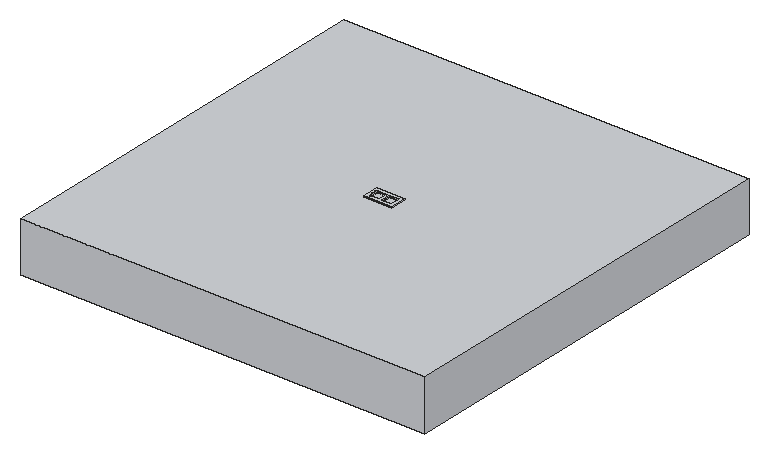
Revit family "Gira_0212112", category Elektroinstallationen, Revit 2017
Family settings
  Basisbauteil = Fläche
  Beschriftungsausrichtung beibehalten = Nein
  Bemaßung runder Anschluss = Durchmesser verwenden
  Teiletyp = Normal
  Beim Laden mit Abzugskörper schneiden = Nein
  Gemeinsam genutzt = Nein
  Raumberechnungspunkt = Nein
Parameters
  Werkstoffgüte = "Thermoplast"
  Werkstoff = "Kunststoff"
  URL = "https://www.gira.de/"
  Typname = "Abdeckrahmen 2f Flächenschalter Reinweiß"
  Transparent = no
  Textfeld/Beschriftungsfläche = no
  Schutzart (IP) = "IP20"
  RAL-Nummer (ähnlich) = 9010
  Produktseite = "http://katalog.gira.de/de_DE/datenblatt.html?artikelnr=0212112"
  Oberfläche = "sonstige"
  Montagerichtung = "horizontal und vertikal"
  Mit Klappdeckel = no
  Hersteller = "Gira"
  Halogenfrei = yes
  HAN = "0212112"
  Geeignet für Unterputz-Installation = yes
  Geeignet für Unterflurkanaldose = no
  Geeignet für Geräteeinbaukanal = no
  Geeignet für Einbauinstallation = no
  GTIN = "4010337044017"
  Farbe = "weiß"
  Datenblatt = "https://katalog.gira.de/de_DE/download.html?artikelnr=0212112"
  Beschreibung = "Abdeckrahmen Gira Flächenschalter Reinweiß glänzend 2fach Merkmale: - Bruchsicher.  Hinweise : - In Verbindung mit Dichtungsflansch auch für die Montage wassergeschützt Unterputz IP44 geeignet."
  Befestigungsart = "Klemmbefestigung"
  Bauelement = "Espr._Rahmen_2fach"
  Default Elevation = 1219.2 mm
  BIM = "https://media.stage.bim.site/public/gira/876eb45/Espr._Rahmen_2fach.rfa"
  Ausführung der Oberfläche = "glänzend"
  Anzahl der Einheiten vertikal = 2
  Anzahl der Einheiten horizontal = 2
  Anzahl der Einheiten = 2
Reference planes
  plane 1 "Center (Front/Back)": y = 0
  plane 2: z = 0
  plane 3 "Center (Left/Right)": x = 0
Forms (mm)
  Extrusion 1, solid
    sketch origin (0, 0, 0) x (1, 0, 0) y (0, 1, 0)
      loop
        line (-1219.2, 1219.2) -> (-1219.2, -1219.2) -> (1219.2, -1219.2) -> (1219.2, 1219.2) -> (-1219.2, 1219.2)
    from 0 to -304.8
  Extrusion 2, solid, detail levels fine
    sketch origin (0, 0, 0) x (1, 0, 0) y (0, 1, 0)
      loop
        line (-83, 47.5) -> (-83, -47.5) -> (83, -47.5) -> (83, 47.5) -> (-83, 47.5)
      loop
        arc (-63.75, -26.7) -> (-63.311, -27.761) -> (-62.25, -28.2) r 1.5
        line (-62.25, -28.2) -> (-8.85, -28.2)
        arc (-8.85, -28.2) -> (-7.789, -27.761) -> (-7.35, -26.7) r 1.5
        line (-7.35, -26.7) -> (-7.35, 26.7)
        arc (-7.35, 26.7) -> (-7.789, 27.761) -> (-8.85, 28.2) r 1.5
        line (-8.85, 28.2) -> (-62.25, 28.2)
        arc (-62.25, 28.2) -> (-63.311, 27.761) -> (-63.75, 26.7) r 1.5
        line (-63.75, 26.7) -> (-63.75, -26.7)
      loop
        line (63.75, -26.7) -> (63.75, 26.7)
        arc (63.75, 26.7) -> (63.311, 27.761) -> (62.25, 28.2) r 1.5
        line (62.25, 28.2) -> (8.85, 28.2)
        arc (8.85, 28.2) -> (7.789, 27.761) -> (7.35, 26.7) r 1.5
        line (7.35, 26.7) -> (7.35, -26.7)
        arc (7.35, -26.7) -> (7.789, -27.761) -> (8.85, -28.2) r 1.5
        line (8.85, -28.2) -> (62.25, -28.2)
        arc (62.25, -28.2) -> (63.311, -27.761) -> (63.75, -26.7) r 1.5
    from 0 to 6
  Extrusion 3, solid, detail levels fine
    sketch origin (0, 0, 0) x (1, 0, 0) y (0, 1, 0)
      loop
        line (-61.45, -25.7) -> (-9.65, -25.7) -> (-9.65, 25.7) -> (-61.45, 25.7) -> (-61.45, -25.7)
      loop
        line (61.45, 25.7) -> (9.65, 25.7) -> (9.65, -25.7) -> (61.45, -25.7) -> (61.45, 25.7)
      loop
        arc (-78.454, -41.3) -> (-77.927, -42.573) -> (-76.654, -43.1) r 1.8
        line (-76.654, -43.1) -> (76.654, -43.1)
        arc (76.654, -43.1) -> (77.927, -42.573) -> (78.454, -41.3) r 1.8
        line (78.454, -41.3) -> (78.454, 41.3)
        arc (78.454, 41.3) -> (77.927, 42.573) -> (76.654, 43.1) r 1.8
        line (76.654, 43.1) -> (-76.654, 43.1)
        arc (-76.654, 43.1) -> (-77.927, 42.573) -> (-78.454, 41.3) r 1.8
        line (-78.454, 41.3) -> (-78.454, -41.3)
    from -1.9 to 0
  Extrusion 4, solid, detail levels fine
    sketch origin (0, 0, 0) x (1, 0, 0) y (0, 1, 0)
      loop
        arc (-76.75, 44.4) -> (-78.871, 43.521) -> (-79.75, 41.4) r 3
        line (-79.75, 41.4) -> (-79.75, -41.4)
        arc (-79.75, -41.4) -> (-78.871, -43.521) -> (-76.75, -44.4) r 3
        line (-76.75, -44.4) -> (76.75, -44.4)
        arc (76.75, -44.4) -> (78.871, -43.521) -> (79.75, -41.4) r 3
        line (79.75, -41.4) -> (79.75, 41.4)
        arc (79.75, 41.4) -> (78.871, 43.521) -> (76.75, 44.4) r 3
        line (76.75, 44.4) -> (-76.75, 44.4)
      loop
        arc (-78.55, -41.4) -> (-78.023, -42.673) -> (-76.75, -43.2) r 1.8
        line (-76.75, -43.2) -> (76.75, -43.2)
        arc (76.75, -43.2) -> (78.023, -42.673) -> (78.55, -41.4) r 1.8
        line (78.55, -41.4) -> (78.55, 41.4)
        arc (78.55, 41.4) -> (78.023, 42.673) -> (76.75, 43.2) r 1.8
        line (76.75, 43.2) -> (-76.75, 43.2)
        arc (-76.75, 43.2) -> (-78.023, 42.673) -> (-78.55, 41.4) r 1.8
        line (-78.55, 41.4) -> (-78.55, -41.4)
    from -3.7 to 0
  Extrusion 5, solid, detail levels medium
    sketch origin (0, 0, 0) x (1, 0, 0) y (0, 1, 0)
      loop
        line (-83, 47.5) -> (-83, -47.5) -> (83, -47.5) -> (83, 47.5) -> (-83, 47.5)
    from 0 to 6
  Extrusion 6, solid, detail levels medium
    sketch origin (0, 0, 0) x (1, 0, 0) y (0, 1, 0)
      loop
        line (-79.75, 44.4) -> (-79.75, -44.4) -> (79.75, -44.4) -> (79.75, 44.4) -> (-79.75, 44.4)
    from -3.7 to 0
  Extrusion 7, solid, detail levels coarse
    sketch origin (0, 0, 0) x (1, 0, 0) y (0, 1, 0)
      loop
        line (-83, 47.5) -> (-83, -47.5) -> (83, -47.5) -> (83, 47.5) -> (-83, 47.5)
    from -3.7 to 6
Dimensions and locks
  aligned and locked: plane 2 to Extrusion 1
  aligned and locked: level to Extrusion 1
